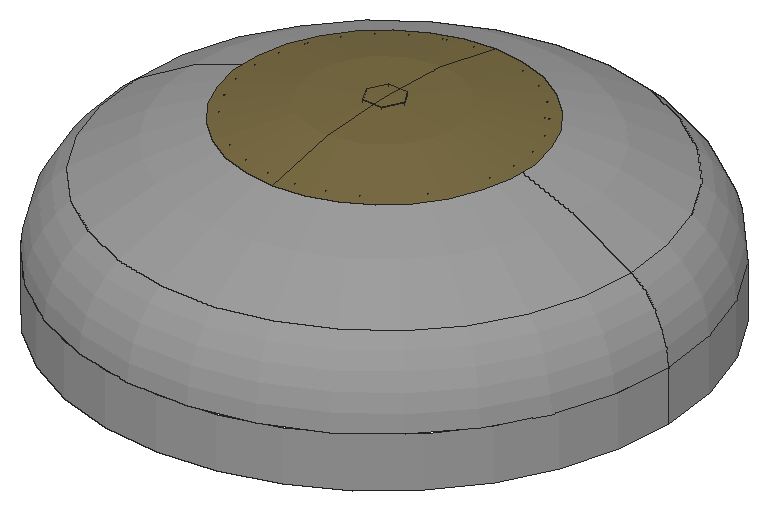
Revit family "MaviGard Оповещатель-звонок пожарный", category Fire Alarm Devices, host Face, Revit 2022
Family settings
  Host = Face
  Round Connector Dimension = Use Diameter
  Part Type = Normal
  OmniClass Number = 23.85.30.21
  OmniClass Title = Environmental Detection/Registration
  Cut with Voids When Loaded = No
  Maintain Annotation Orientation = Yes
  Shared = No
  Room Calculation Point = No
Parameters (values of type "MaviGard Оповещатель-звонок пожарный, 6", 24В пост. ток.")
  Вес = "610 гр"
  Монтажный короб для установки извещателя с поверхностной прокладкой кабеля = ""
  Гарантийный срок = "Года"
  Гарантийный срок запчастей = "2"
  Гарантия срока службы = "2"
  Версия = ""
  URL = "https://www.mavili.com.tr/ru"
  Монтажный комплект для установки извещателя в подвесной потолок = ""
  Номер позы общественных работ = "833-598"
  Класс защиты = "IP 51"
  Код продукта = "MG-5400"
  Номер телефона = "(+)90 216 466 45 05"
  Рабочее напряжение (по умолчанию) = "24 В Пост. ток"
  Диапазон рабочего напряжения = "18-33В Пост. ток"
  Рабочая Температура = "(-10°C) - (+55°C)"
  Номинальная глубина = "55 мм"
  Номинальная ширина = "150 мм"
  Номинальная высота = "150 мм"
  Монтажная поверхность = "Настенная"
  Монтажная высота = "Выше пола на 240 см"
  Model = "MaviGard"
  Manufacturer = "Mavili Elektronik Ticaret A.Ş."
  Инструкция по установке = "https://mavilielektronik.com/Revit/MG5400_kk.pdf"
  Выход индикации = ""
  Номер факса = "(+)90 216 466 45 10"
  Резервное питание = ""
  Почта = "mavili@mavili.com.tr"
  Отказ = ""
  Настройка адреса устройства = ""
  Description = "Оповещатель-звонок пожарный"
  Default Elevation = 0 mm
  Потребление тока = ""
  Валюта = ""
  Cost = 0
  Совместимые базы для монтажа = ""
  Цвет = "Красный"
  Производительность кода = "EN 54-3"
  Главный Материал = "Красный Металлический"
  Вторичный материал = "Металлический"
  Адрес №1 = "Şerifali Mahallesi Kutup Sokak No:27/1-2-4 Ümraniye TR-34775 İSTANBUL"
Reference planes
  plane 1 "Center (Front/Back)": y = 0
  plane 2: z = 0
  plane 3 "Center (Left/Right)": x = 0
Forms (mm)
  Revolve 1, solid, material "zil"
    sketch origin (0, 0, 5) x (1, 0, 0) y (0, 0, 1)
      loop
        line (0, 50) -> (0, 0) -> (75, 0) -> (75, 13.378)
        arc (75, 13.378) -> (72.352, 23.98) -> (65.327, 32.351) r 24.31
        arc (65.327, 32.351) -> (34.125, 46.583) -> (0, 50) r 104.989
      axis (0, 0) -> (0, 50)
    angle from 0 to 360
  Extrusion 2, solid, material "Mavili elektronik 1.renk"
    sketch origin (0, 0, 0) x (1, 0, 0) y (0, 1, 0)
      loop
        line (-35, 25) -> (-35, -25) -> (35, -25) -> (35, 25) -> (-35, 25)
    from 0 to 5
  Extrusion 3, solid, material "Mavili elektronik 1.renk"
    sketch origin (-889.532, -7731.113, 55) x (1, 0, 0) y (0, 1, 0)
      loop
        line (894.532, 7731.503) -> (892.032, 7735.833) -> (887.032, 7735.833) -> (884.532, 7731.503) -> (887.032, 7727.173) -> (892.032, 7727.173) -> (894.532, 7731.503)
    from 0 to 1
  Revolve 4, solid, material "Zil siyah"
    sketch origin (0, 0, 0.1) x (0, 1, 0) y (0, 0, 1)
      loop
        arc (0, 55.5) -> (-18.54, 54.874) -> (-36.682, 50.998) r 105.073
        line (-36.682, 50.998) -> (0, 50.998) -> (0, 55.5)
      axis (0, 50.998) -> (0, 55.5)
    angle from 0 to 360
Dimensions and locks
  Extrusion 3 to host face = 56 mm
  aligned and locked: plane 2 to host face
  aligned and locked: level to host face
  aligned and locked: Revolve 1 to Extrusion 2
